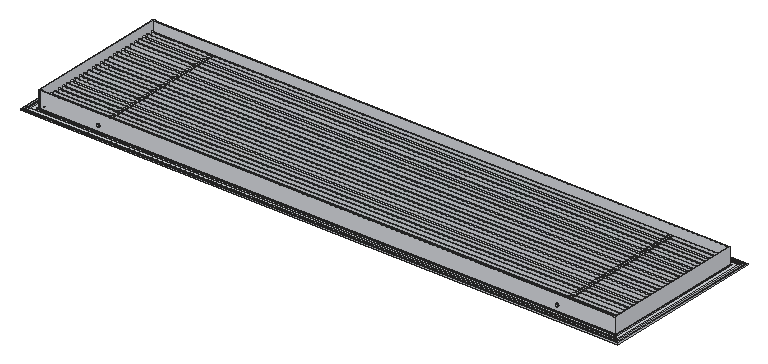
Revit family "13201_TCD", category Air Terminals, Revit 2012
Parameters (values of type "TCD")
  Visible_Texto = not(and(and(Medida_Requerida_Vertical > 3", Medida_Requerida_Vertical < 13"), and(Medida_Requerida_Horizontal > 3", Medida_Requerida_Horizontal < 121")))  # no
  URL = "https://www.innes.com.mx"
  Type Comments = "Marco biselado tipo \"D\""
  Tipo de Cuello = "Cuadrado/Rectangular"
  Posición de Instalación = "Muro/Techo"
  Nota1 = if(Medida_Requerida_Vertical > 12", "Medida vertical no disponible máximo 12 in", if(Medida_Requerida_Vertical < 4", " Medida vertical no disponible mínimo 4 in", if(Medida_Requerida_Horizontal > 120", "Medida horizontal no disponible máximo 120 in", if(Medida_Requerida_Horizontal < 4", "Medida horizontal no disponible mínimo 4 in", "."))))  # "."
  Model = "TCD"
  Medida_Requerida_Vertical = 12"
  Medida_Requerida_Horizontal = 48"
  Material = "Aluminio"
  Manufacturer = "INNES"
  Incrementos de Cuello = "de 1\""
  Función = "Inyección/Retorno"
  Description = "Rejilla Lineal"
  Deflexión = "15°"
  Cuello Mín.-Máx. = "4\"x4\" hasta 120\"x12\""
  Conect_Vertical = if(Medida_Requerida_Vertical > 12", 11 3/4", if(Medida_Requerida_Vertical < 4", 3 3/4", Medida_Requerida_Vertical - 1" / 4))  # 11 3/4"
  Conect_Horizontal = if(Medida_Requerida_Horizontal > 120", 119 3/4", if(Medida_Requerida_Horizontal < 4", 3 3/4", Medida_Requerida_Horizontal - 1" / 4))  # 47 3/4"
Reference planes (in)
  plane 1 "Center (Front/Back)": y = 0
  plane 2: z = 0
  plane 3 "Center (Left/Right)": x = 0
  plane 4 "conect": z = 1.50127
Nested families (in)
  nested 1: "TCD" at (0, 0, 0), type "TCD"
    with Largo_Rejilla_H 47 5/8", B_Horizontal_Real 47 3/4", A_Vertical_Real 11 3/4", Vertical 12", No. de elementos horizontales 26, Medida_Vertical_Requerida 12", Medida_Horizontal_Requerida 48", Largo_Rejilla 11 31/64", Horizontal 48", Barras_Verticales 4.775", Marco_B 49 7/16", Marco_A 13 7/16"
  nested 2: "Texto_TCD" at (-20.44465, -48.79221, 0), type "texto"
    with Visible_Texto no
Connectors (in)
  hvac at (0, 0, 1.50127), driven by "Conect_Horizontal", driven by "Conect_Vertical"
    settings: index 1, duct flow 0.0 L/s, flow factor 0, pres drop 0.0 Pa, loss coef 0, conn angle 0.00°, conn width 1212.85 mm, conn height 298.45 mm, conn radius 304.8 mm, duct sys type 1, conn prof type 1, flow config 0, flow direction 0, loss method 0, conn ref index -1, conn util no, is conn primary yes, conn desc ""
Definition of nested family "TCD"
  Parameters (values of type "TCD")
    Largo_Rejilla_H = B_Horizontal_Real - 1" / 8  # 23 5/8"
    Color = rojo
    B_Horizontal_Real = Horizontal - 1" / 4  # 23 3/4"
    A_Vertical_Real = Vertical - 1/4"  # 9 3/4"
    Vertical = if(Medida_Vertical_Requerida > 12", 12", if(Medida_Vertical_Requerida < 4", 4", Medida_Vertical_Requerida))  # 10"
    URL = "http://www.innes.com.mx/p/Product/Article/43"
    Separacion = 7/16"  # constant formula
    No. de elementos horizontales = (A_Vertical_Real / Separacion) - 1 / 2  # 22
    Model = "TCD"
    Medida_Vertical_Requerida = 10"
    Medida_Horizontal_Requerida = 24"
    Material = "Aluminio Extruido"
    Manufacturer = "INNES"
    Largo_Rejilla = A_Vertical_Real - 17/64"  # 9 31/64"
    Horizontal = if(Medida_Horizontal_Requerida > 120", 120", if(Medida_Horizontal_Requerida < 4", 4", Medida_Horizontal_Requerida))  # 24"
    Description = "Rejilla Lineal"
    Conexion = "Cuadrangular"
    Barras_Verticales = B_Horizontal_Real / 10  # 2 3/8"
    Marco_B = Horizontal + 1 7/16"  # 25 7/16"
    Altura = 1 1/2"  # constant formula
    Marco_A = Vertical + 1 7/16"  # 11 7/16"
  Reference planes (in)
    plane 1 "Center (Front/Back)": y = 0
    plane 2: z = 0
    plane 3 "Center (Left/Right)": x = 0
    plane 4: x = -12
    plane 5: x = 12
    plane 6: x = 12.71875
    plane 7: x = -12.71875
    plane 8: y = -5.71875
    plane 9: y = 5.71875
    plane 10: x = -11.875
    plane 11: x = 11.875
    plane 12: y = 4.875
    plane 13: y = -4.875
    plane 14: z = 1.5
    plane 15: z = 0.17187
    plane 16: y = 4.64844
    plane 17: x = -5.9375
    plane 18: z = 1.5
    plane 19: x = 5.9375
    plane 20: x = 9.5
    plane 21: x = -9.5
    plane 22: x = -9.25
    plane 23: x = 9.25
  Forms (in)
    Sweep 1, solid
      path origin (0, 0, 0) x (1, 0, 0) y (0, 1, 0)
        loop
          line (-11.875, 4.875) -> (-11.875, -4.875) -> (11.875, -4.875) -> (11.875, 4.875) -> (-11.875, 4.875)
      profile origin (0, 4.875, 0) x (0, 1, 0) y (0, 0, 1)
        loop
          line (0.57463, 0.0625) -> (0.57463, 0.16077) -> (0.44509, 0.16077) -> (0.44509, 0.09884) -> (0.52309, 0.09884) -> (0.52309, 0.0625) -> (0, 0.0625) -> (0, 0.09884) -> (0.07969, 0.09884) -> (0.07969, 0.16077) -> (0, 0.16077) -> (0, 1.47002)
          arc (0, 1.47002) -> (-0.03125, 1.50127) -> (-0.0625, 1.47002) r 0.03125
          line (-0.0625, 1.47002) -> (-0.0625, 0.0625) -> (-0.28125, 0.0625)
          arc (-0.28125, 0.0625) -> (-0.25518, 0.02607) -> (-0.21875, 0) r 0.13692
          line (-0.21875, 0) -> (0.34463, 0)
          arc (0.34463, 0) -> (0.59606, 0.01535) -> (0.84375, 0.06116) r 2.06711
          line (0.84375, 0.06116) -> (0.84375, 0.17188) -> (0.78125, 0.17188) -> (0.78125, 0.08472)
          arc (0.78125, 0.08472) -> (0.67814, 0.0718) -> (0.57463, 0.0625) r 2.95835
    Extrusion 2, solid
      sketch origin (0, 0, -0.41952) x (1, 0, 0) y (0, 0, 1)
        loop
          circle (-9.37569, 1.00927) r 0.12586
      from -4.875 to 4.875
    Extrusion 3, solid
      sketch origin (0, 0, -0.40581) x (1, 0, 0) y (0, 0, 1)
        loop
          circle (9.37427, 0.99801) r 0.12359
      from -4.875 to 4.875
  Dimensions and locks (in)
    equal spacing: plane 4, plane 3 "Center (Left/Right)", plane 5
    "Horizontal": plane 4 to plane 5
    equal spacing: plane 7, plane 3 "Center (Left/Right)", plane 6
    "Marco_B": plane 7 to plane 6
    equal spacing: plane 9, plane 1 "Center (Front/Back)", plane 8
    "Marco_A": plane 9 to plane 8
    equal spacing: plane 10, plane 3 "Center (Left/Right)", plane 11
    "B_Horizontal_Real": plane 10 to plane 11
    "Altura": plane 14 to level
    locked: plane 15 to level at 0.17188
    equal spacing: group 1, group 2, group 3, group 4, group 5, group 6, group 7, group 8, group 9, group 10, group 11, group 12, group 13, group 14, group 15, group 16, group 17, group 18, group 19, group 20, group 21, group 22  (x2)
    equal spacing: group 22, group 21, group 20, group 19, group 18, group 17, group 16, group 15, group 14, group 13, group 12, group 11, group 10, group 9, group 8, group 7, group 6, group 5, group 4, group 3, group 2, group 1
    locked: plane 18 to level at 1.5
    "Barras_Verticales": plane 20 to plane 11
    "Barras_Verticales": plane 10 to plane 21
    locked: plane 21 to plane 22 at 0.25
    locked: plane 23 to plane 20 at 0.25
    equal spacing: Extrusion 2, plane 1 "Center (Front/Back)", Extrusion 2
    equal spacing: Extrusion 3, plane 1 "Center (Front/Back)", Extrusion 3
    locked: plane 13 to Extrusion 2 at 0
    locked: plane 13 to Extrusion 3 at 0
    equal spacing: plane 12, plane 1 "Center (Front/Back)", plane 13
    "A_Vertical_Real": plane 12 to plane 13
    "Separacion": nested 1 to nested 2
    locked: plane 12 to plane 16 at 0.22656
    aligned and locked: plane 2 to level
    aligned and locked: nested 1 to plane 16
    aligned and locked: profile plane to Sweep 1 sketch curve
    aligned and locked: Sweep 1 sketch curve to plane 15
    aligned and locked: Sweep 1 sketch curve to plane 13
    aligned and locked: Sweep 1 sketch curve to plane 11
    aligned and locked: Sweep 1 sketch curve to profile plane
    aligned and locked: plane 9 to Sweep 1 sketch curve
    aligned and locked: Sweep 1 to Sweep 1
    aligned and locked: Sweep 1 to Extrusion 3
  Automatic sketch dimensions
    Extrusion 2 sketch curve to plane 22 = 0.12569"
    Extrusion 2 sketch curve to plane 18 = 0.91025"
    Extrusion 3 sketch curve to plane 18 = 0.9078"
    plane 23 to Extrusion 3 sketch curve = 0.12427"
    Sweep 1 sketch curve to plane 10 = 0"
    Sweep 1 sketch curve to plane 12 = 0"
    Sweep 1 sketch curve to profile plane = 0"
    profile plane to Sweep 1 sketch curve = 1/32"
    Sweep 1 sketch curve to Sweep 1 sketch curve = 0.09587"
    Sweep 1 sketch curve to Sweep 1 sketch curve = 0.06038"
    level to Sweep 1 sketch curve = 1/16"  (x2)
    Sweep 1 sketch curve to Sweep 1 sketch curve = 1/16"  (x2)
    Sweep 1 sketch curve to plane 15 = 0.01111"  (x2)
    Sweep 1 sketch curve to Sweep 1 sketch curve = 0.07969"
    Sweep 1 sketch curve to Sweep 1 sketch curve = 0.26494"
    Sweep 1 sketch curve to Sweep 1 sketch curve = 0.01717"
    Sweep 1 sketch curve to Sweep 1 sketch curve = 0.10046"
    Sweep 1 sketch curve to Sweep 1 sketch curve = 0.07801"
    Sweep 1 sketch curve to Sweep 1 sketch curve = 0.05154"
    level to Sweep 1 sketch curve = 0.06116"
    Sweep 1 sketch curve to Sweep 1 sketch curve = 0"
    Sweep 1 sketch curve to Sweep 1 sketch curve = 0.02356"
    Sweep 1 sketch curve to Sweep 1 sketch curve = 0.03634"
    Sweep 1 sketch curve to Sweep 1 sketch curve = 0.06193"
    Sweep 1 sketch curve to plane 14 = 0.02998"
    radius of Extrusion 2 sketch curve = 0.12586"
    radius of Extrusion 3 sketch curve = 0.12359"
  Nested families (in)
    nested 1: "Rejilla TCC" at (0, 4.64844, 0.0625) x (-1, 0, 0) z (0, 0, 1), type "Rejilla TCC"
      with b 23 5/8"
    nested 2: "Rejilla TCC" at (0, 4.21094, 0.0625) x (-1, 0, 0) z (0, 0, 1), type "Rejilla TCC"
      with b 23 5/8"
    nested 3: "Rejilla TCC" at (0, 3.77344, 0.0625) x (-1, 0, 0) z (0, 0, 1), type "Rejilla TCC"
      with b 23 5/8"
    nested 4: "Rejilla TCC" at (0, 3.33594, 0.0625) x (-1, 0, 0) z (0, 0, 1), type "Rejilla TCC"
      with b 23 5/8"
    nested 5: "Rejilla TCC" at (0, 2.89844, 0.0625) x (-1, 0, 0) z (0, 0, 1), type "Rejilla TCC"
      with b 23 5/8"
    nested 6: "Rejilla TCC" at (0, 2.46094, 0.0625) x (-1, 0, 0) z (0, 0, 1), type "Rejilla TCC"
      with b 23 5/8"
    nested 7: "Rejilla TCC" at (0, 2.02344, 0.0625) x (-1, 0, 0) z (0, 0, 1), type "Rejilla TCC"
      with b 23 5/8"
    nested 8: "Rejilla TCC" at (0, 1.58594, 0.0625) x (-1, 0, 0) z (0, 0, 1), type "Rejilla TCC"
      with b 23 5/8"
    nested 9: "Rejilla TCC" at (0, 1.14844, 0.0625) x (-1, 0, 0) z (0, 0, 1), type "Rejilla TCC"
      with b 23 5/8"
    nested 10: "Rejilla TCC" at (0, 0.71094, 0.0625) x (-1, 0, 0) z (0, 0, 1), type "Rejilla TCC"
      with b 23 5/8"
    nested 11: "Rejilla TCC" at (0, 0.27344, 0.0625) x (-1, 0, 0) z (0, 0, 1), type "Rejilla TCC"
      with b 23 5/8"
    nested 12: "Rejilla TCC" at (0, -0.16406, 0.0625) x (-1, 0, 0) z (0, 0, 1), type "Rejilla TCC"
      with b 23 5/8"
    nested 13: "Rejilla TCC" at (0, -0.60156, 0.0625) x (-1, 0, 0) z (0, 0, 1), type "Rejilla TCC"
      with b 23 5/8"
    nested 14: "Rejilla TCC" at (0, -1.03906, 0.0625) x (-1, 0, 0) z (0, 0, 1), type "Rejilla TCC"
      with b 23 5/8"
    nested 15: "Rejilla TCC" at (0, -1.47656, 0.0625) x (-1, 0, 0) z (0, 0, 1), type "Rejilla TCC"
      with b 23 5/8"
    nested 16: "Rejilla TCC" at (0, -1.91406, 0.0625) x (-1, 0, 0) z (0, 0, 1), type "Rejilla TCC"
      with b 23 5/8"
    nested 17: "Rejilla TCC" at (0, -2.35156, 0.0625) x (-1, 0, 0) z (0, 0, 1), type "Rejilla TCC"
      with b 23 5/8"
    nested 18: "Rejilla TCC" at (0, -2.78906, 0.0625) x (-1, 0, 0) z (0, 0, 1), type "Rejilla TCC"
      with b 23 5/8"
    nested 19: "Rejilla TCC" at (0, -3.22656, 0.0625) x (-1, 0, 0) z (0, 0, 1), type "Rejilla TCC"
      with b 23 5/8"
    nested 20: "Rejilla TCC" at (0, -3.66406, 0.0625) x (-1, 0, 0) z (0, 0, 1), type "Rejilla TCC"
      with b 23 5/8"
    nested 21: "Rejilla TCC" at (0, -4.10156, 0.0625) x (-1, 0, 0) z (0, 0, 1), type "Rejilla TCC"
      with b 23 5/8"
    nested 22: "Rejilla TCC" at (0, -4.53906, 0.0625) x (-1, 0, 0) z (0, 0, 1), type "Rejilla TCC"
      with b 23 5/8"
  Definition of nested family "Rejilla TCC"
    Parameters (values of type "Rejilla TCC")
      b = 9 7/16"
      Ancho = 9/32"
    Reference planes (in)
      plane 1 "Center (Front/Back)": y = 0
      plane 2: z = 0
      plane 3 "Center (Left/Right)": x = 0
      plane 4: x = -4.71875
      plane 5: x = 4.71875
      plane 6: z = 0.75
      plane 7: y = -0.14063
      plane 8: y = 0.14062
      plane 9: z = 0.42187
      plane 10: z = 0.34375
    Forms (in)
      Sweep 1, solid
        path origin (0, 0, 0) x (1, 0, 0) y (0, 1, 0)
          loop
            line (-4.71875, 0) -> (4.71875, 0)
        profile origin (0, 0, 0) x (0, 1, 0) y (0, 0, 1)
          loop
            line (-0.02486, 0) -> (0.19296, 0)
            arc (0.19296, 0) -> (0.21717, 0.01194) -> (0.22244, 0.03842) r 0.03052
            line (0.22244, 0.03842) -> (0.14648, 0.32189)
            arc (0.14648, 0.32189) -> (0.13595, 0.33765) -> (0.11799, 0.34375) r 0.0295
            line (0.11799, 0.34375) -> (0.04786, 0.34375) -> (0.03125, 0.42188) -> (0.03125, 0.73072)
            arc (0.03125, 0.73072) -> (0, 0.75) -> (-0.03125, 0.73072) r 0.03497
            line (-0.03125, 0.73072) -> (-0.03125, 0.42188) -> (-0.04786, 0.34375) -> (-0.10014, 0.34375)
            arc (-0.10014, 0.34375) -> (-0.12479, 0.3316) -> (-0.13015, 0.30465) r 0.03106
            line (-0.13015, 0.30465) -> (-0.05464, 0.02286)
            arc (-0.05464, 0.02286) -> (-0.04363, 0.00637) -> (-0.02486, 0) r 0.03084
    Dimensions and locks (in)
      equal spacing: plane 4, plane 3 "Center (Left/Right)", plane 5, locked at 4.71875 each
      "b": plane 4 to plane 5
      locked: plane 6 to level at 0.75
      equal spacing: plane 8, plane 1 "Center (Front/Back)", plane 7
      "Ancho": plane 8 to plane 7
      locked: plane 9 to level at 0.42188
      locked: plane 10 to level at 0.34375
      aligned and locked: plane 2 to level
    Automatic sketch dimensions
      plane 1 "Center (Front/Back)" to Sweep 1 sketch curve = 0"
      Sweep 1 sketch curve to plane 4 = 0"
      Sweep 1 sketch curve to plane 5 = 0"
      Sweep 1 sketch curve to plane 10 = 0"  (x2)
      Sweep 1 sketch curve to plane 9 = 0"  (x2)
      Sweep 1 sketch curve to level = 0"
      Sweep 1 sketch curve to profile plane = 0"
      profile plane to Sweep 1 sketch curve = 0.02486"
      profile plane to Sweep 1 sketch curve = 1/32"
      profile plane to Sweep 1 sketch curve = 0.04786"
      level to Sweep 1 sketch curve = 0.02286"
      Sweep 1 sketch curve to Sweep 1 sketch curve = 0.02979"
      Sweep 1 sketch curve to Sweep 1 sketch curve = 0.05229"
      Sweep 1 sketch curve to plane 10 = 0.0391"
      Sweep 1 sketch curve to Sweep 1 sketch curve = 0.03"
      Sweep 1 sketch curve to profile plane = 1/32"
      Sweep 1 sketch curve to profile plane = 0.04786"
      Sweep 1 sketch curve to plane 10 = 0.0295"
      Sweep 1 sketch curve to Sweep 1 sketch curve = 0.07014"
      Sweep 1 sketch curve to plane 10 = 0.02186"
      Sweep 1 sketch curve to profile plane = 0.19296"
      level to Sweep 1 sketch curve = 0.03842"
      Sweep 1 sketch curve to Sweep 1 sketch curve = 0.02948"
      plane 9 to Sweep 1 sketch curve = 0.29316"
      Sweep 1 sketch curve to Sweep 1 sketch curve = 0.01569"
Definition of nested family "Texto_TCD"
  Parameters (values of type "texto")
    texto = "Caudal no Válido"
    Visible_Texto = yes
    Color = rojo
  Reference planes (in)
    plane 1 "Center (Front/Back)": y = 0
    plane 2: z = 0
    plane 3 "Center (Left/Right)": x = 0
